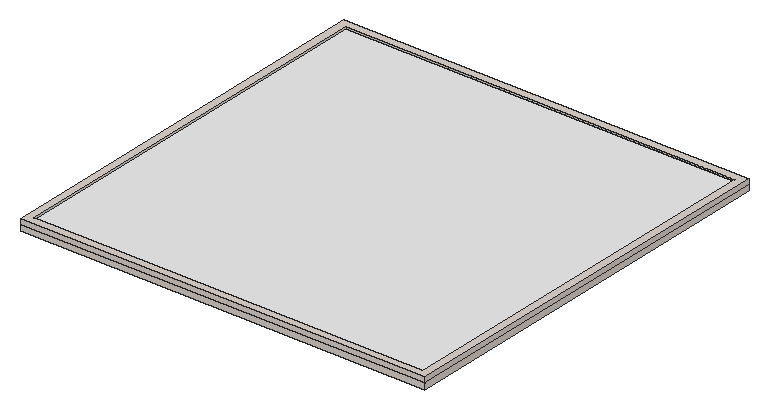
Revit family "SKY LED FLAT PANEL", category Lighting Fixtures, host Face, Revit 2020 (continued)
Types (13): name | Wattage | WATTS | built-in parameter 1150134 | Replaces/Equiv.(MH) | Photometric Web File | Order number | built-in parameter 1150142 | Model | built-in parameter 1150105 | Lumens | built-in parameter 1150107 | built-in parameter 1150106 | Fixture Width | Fixture Length | Default Elevation | Apparent Load
  SFLP14D3835 | 25.2454 W | 38 W | (empty or 0) | "2x32W FL" | "SFLP14D3835.IES" | "14216K" | "IESNA:LM-63-2002\r\n[TEST] \r\n[TESTLAB] EVERFINE\r\n[TESTDATE] 2018-10-18\r\n[ISSUEDATE] 2019-05-15 15:15:33\r\n[NEARFIELD] \r\n[LAMPPOSITION] 0,0\r\n[OTHER] EVERFINE GO-2000B_V1 SYSTEM\r\n[MANUFAC] Above All Lighting\r\n[LUMINAIRE] FLB 2002/1000WHQI\r\n[LAMP] 11269-SFLP14D3835\r\n[OTHER] \r\n[OTHER] Gamma(deg)    Fz(lm)      Ft(lm)     %Lum    %Lamp\r\n[OTHER]   0- 10       122.88      122.88     3.30     3.30\r\n[OTHER]  10- 20       352.35      475.23    12.77    12.77\r\n[OTHER]  20- 30       533.83     1009.06    27.11    27.11\r\n[OTHER]  30- 40       642.04     1651.09    44.36    44.36\r\n[OTHER]  40- 50       663.70     2314.79    62.19    62.19\r\n[OTHER]  50- 60       597.41     2912.20    78.24    78.24\r\n[OTHER]  60- 70       454.30     3366.50    90.44    90.44\r\n[OTHER]  70- 80       262.79     3629.29    97.50    97.50\r\n[OTHER]  80- 90        72.60     3701.89    99.45    99.45\r\n[OTHER]  90-100         1.40     3703.29    99.49    99.49\r\n[OTHER] 100-110         2.16     3705.45    99.55    99.55\r\n[OTHER] 110-120         2.82     3708.27    99.62    99.62\r\n[OTHER] 120-130         3.19     3711.46    99.71    99.71\r\n[OTHER] 130-140         3.23     3714.69    99.80    99.80\r\n[OTHER] 140-150         2.96     3717.65    99.88    99.88\r\n[OTHER] 150-160         2.42     3720.07    99.94    99.94\r\n[OTHER] 160-170         1.61     3721.68    99.98    99.98\r\n[OTHER] 170-180         0.57     3722.25   100.00   100.00\r\n[OTHER] \r\nTILT=NONE\r\n1 3722.3 1 181 37 1 2 0.000 0.000 0.000\r\n1.000 1 37.2\r\n0.0    1.0    2.0    3.0    4.0    5.0    6.0    7.0    8.0    9.0    \r\n 10.0   11.0   12.0   13.0   14.0   15.0   16.0   17.0   18.0   19.0   \r\n 20.0   21.0   22.0   23.0   24.0   25.0   26.0   27.0   28.0   29.0   \r\n 30.0   31.0   32.0   33.0   34.0   35.0   36.0   37.0   38.0   39.0   \r\n 40.0   41.0   42.0   43.0   44.0   45.0   46.0   47.0   48.0   49.0   \r\n 50.0   51.0   52.0   53.0   54.0   55.0   56.0   57.0   58.0   59.0   \r\n 60.0   61.0   62.0   63.0   64.0   65.0   66.0   67.0   68.0   69.0   \r\n 70.0   71.0   72.0   73.0   74.0   75.0   76.0   77.0   78.0   79.0   \r\n 80.0   81.0   82.0   83.0   84.0   85.0   86.0   87.0   88.0   89.0   \r\n 90.0   91.0   92.0   93.0   94.0   95.0   96.0   97.0   98.0   99.0   \r\n 100.0  101.0  102.0  103.0  104.0  105.0  106.0  107.0  108.0  109.0  \r\n 110.0  111.0  112.0  113.0  114.0  115.0  116.0  117.0  118.0  119.0  \r\n 120.0  121.0  122.0  123.0  124.0  125.0  126.0  127.0  128.0  129.0  \r\n 130.0  131.0  132.0  133.0  134.0  135.0  136.0  137.0  138.0  139.0  \r\n 140.0  141.0  142.0  143.0  144.0  145.0  146.0  147.0  148.0  149.0  \r\n 150.0  151.0  152.0  153.0  154.0  155.0  156.0  157.0  158.0  159.0  \r\n 160.0  161.0  162.0  163.0  164.0  165.0  166.0  167.0  168.0  169.0  \r\n 170.0  171.0  172.0  173.0  174.0  175.0  176.0  177.0  178.0  179.0  \r\n 180.0  \r\n0.0    10.0   20.0   30.0   40.0   50.0   60.0   70.0   80.0   90.0   \r\n 100.0  110.0  120.0  130.0  140.0  150.0  160.0  170.0  180.0  190.0  \r\n 200.0  210.0  220.0  230.0  240.0  250.0  260.0  270.0  280.0  290.0  \r\n 300.0  310.0  320.0  330.0  340.0  350.0  360.0  \r\n1298.22  1297.36  1296.21  1294.90  1293.20  1291.30  1288.62  1285.79  1282.35  1278.90  \r\n 1274.95  1270.68  1266.17  1260.99  1255.72  1249.65  1243.19  1235.98  1228.60  1220.70  \r\n 1212.02  1202.75  1193.22  1182.83  1171.65  1160.09  1148.28  1135.92  1123.10  1109.71  \r\n 1096.17  1082.30  1067.74  1053.43  1038.24  1023.33  1007.48  991.95   975.62   959.23   \r\n 942.61   925.10   908.38   890.62   873.04   854.84   836.76   818.05   798.96   780.33   \r\n 760.94   741.74   721.94   702.45   682.35   662.34   641.89   621.34   600.68   580.03   \r\n 558.82   538.04   516.51   495.67   474.18   453.00   431.27   409.96   388.73   367.02   \r\n 345.87   324.51   303.52   282.52   261.65   241.26   221.02   200.80   181.46   161.85   \r\n 143.39   124.94   107.15   89.94    73.19    57.62    42.38    28.77    15.51    4.37     \r\n 0.96     1.02     1.10     1.19     1.27     1.36     1.44     1.53     1.62     1.71     \r\n 1.80     1.89     1.99     2.08     2.17     2.26     2.35     2.44     2.53     2.61     \r\n 2.70     2.78     2.86     2.94     3.02     3.10     3.17     3.24     3.31     3.38     \r\n 3.45     3.52     3.58     3.64     3.71     3.77     3.82     3.88     3.93     3.99     \r\n 4.04     4.09     4.14     4.19     4.23     4.27     4.32     4.36     4.41     4.45     \r\n 4.49     4.53     4.58     4.62     4.66     4.70     4.74     4.78     4.83     4.86     \r\n 4.91     4.94     4.98     5.02     5.06     5.11     5.15     5.19     5.23     5.27     \r\n 5.31     5.36     5.39     5.44     5.48     5.53     5.57     5.61     5.65     5.69     \r\n 5.73     5.76     5.80     5.83     5.86     5.88     5.91     5.92     5.93     5.94     \r\n 5.97     \r\n1298.22  1297.71  1296.82  1295.88  1294.24  1292.46  1290.12  1287.26  1284.17  1280.79  \r\n 1276.72  1272.67  1267.82  1262.69  1257.11  1251.09  1244.35  1237.41  1229.98  1221.79  \r\n 1212.91  1203.95  1194.03  1183.74  1172.41  1161.19  1149.24  1136.95  1123.93  1110.77  \r\n 1097.22  1083.27  1069.19  1054.48  1039.82  1024.49  1008.81  992.94   976.73   960.05   \r\n 943.45   926.27   908.99   891.44   873.49   855.36   837.10   818.44   799.66   780.61   \r\n 761.31   742.13   722.09   702.57   682.18   662.16   641.38   621.06   600.40   579.73   \r\n 558.47   537.37   516.12   494.84   473.56   451.84   430.89   409.06   387.90   366.03   \r\n 345.05   323.31   302.43   281.03   260.44   239.92   219.63   199.50   179.65   160.62   \r\n 141.60   123.12   105.20   88.15    72.07    56.00    40.76    26.68    13.82    4.69     \r\n 1.08     1.14     1.20     1.23     1.31     1.39     1.47     1.54     1.63     1.71     \r\n 1.80     1.89     1.98     2.07     2.16     2.25     2.34     2.42     2.51     2.59     \r\n 2.67     2.75     2.83     2.91     2.99     3.06     3.13     3.20     3.26     3.33     \r\n 3.39     3.45     3.51     3.57     3.62     3.68     3.73     3.78     3.83     3.88     \r\n 3.93     3.98     4.02     4.07     4.11     4.16     4.20     4.25     4.30     4.35     \r\n 4.40     4.44     4.49     4.54     4.58     4.63     4.67     4.72     4.77     4.81     \r\n 4.86     4.90     4.95     4.99     5.03     5.07     5.10     5.15     5.19     5.24     \r\n 5.28     5.32     5.37     5.40     5.45     5.50     5.54     5.59     5.63     5.67     \r\n 5.71     5.74     5.77     5.81     5.83     5.85     5.88     5.90     5.91     5.92     \r\n 5.97     \r\n1298.22  1298.22  1297.68  1296.99  1295.59  1293.92  1292.13  1289.46  1286.79  1283.33  \r\n 1279.90  1275.37  1270.81  1265.73  1260.34  1254.41  1247.57  1240.56  1233.01  1224.49  \r\n 1215.94  1206.36  1197.09  1186.51  1175.83  1164.11  1152.48  1140.42  1127.55  1114.92  \r\n 1101.38  1087.93  1073.40  1059.34  1044.20  1029.08  1013.52  997.85   981.70   965.46   \r\n 948.63   931.53   914.52   896.79   879.00   861.09   842.91   824.16   805.05   786.32   \r\n 767.08   747.73   727.65   707.92   687.76   667.66   647.07   626.52   605.88   585.11   \r\n 563.77   542.77   521.14   500.26   478.56   457.07   435.42   414.08   392.66   370.93   \r\n 349.69   328.01   307.04   285.94   264.96   244.48   224.07   203.79   184.36   164.50   \r\n 145.86   127.22   109.18   91.80    74.55    58.72    43.03    29.11    16.41    7.01     \r\n 1.07     1.11     1.23     1.32     1.37     1.41     1.45     1.51     1.58     1.65     \r\n 1.74     1.82     1.90     1.99     2.08     2.17     2.25     2.34     2.43     2.51     \r\n 2.60     2.68     2.77     2.85     2.92     3.00     3.07     3.14     3.20     3.27     \r\n 3.33     3.39     3.45     3.51     3.56     3.62     3.67     3.72     3.77     3.82     \r\n 3.86     3.91     3.96     4.00     4.04     4.08     4.13     4.17     4.21     4.26     \r\n 4.30     4.35     4.39     4.43     4.47     4.52     4.56     4.61     4.66     4.70     \r\n 4.75     4.80     4.85     4.89     4.93     4.98     5.03     5.07     5.12     5.17     \r\n 5.22     5.27     5.31     5.36     5.41     5.46     5.50     5.54     5.59     5.63     \r\n 5.66     5.69     5.73     5.75     5.77     5.79     5.81     5.82     5.83     5.84     \r\n 5.97     \r\n1298.22  1298.39  1298.44  1297.87  1296.92  1295.41  1293.57  1291.31  1288.62  1285.27  \r\n 1281.46  1276.89  1272.40  1267.12  1261.42  1255.36  1248.76  1241.37  1233.70  1225.54  \r\n 1216.73  1207.52  1197.81  1187.84  1176.79  1165.97  1154.25  1142.22  1129.41  1116.74  \r\n 1103.61  1089.77  1075.57  1061.05  1046.38  1031.58  1016.10  1000.20  984.42   967.97   \r\n 951.08   933.98   916.76   899.19   881.34   863.21   844.88   826.26   807.23   788.56   \r\n 768.65   749.48   729.51   709.88   689.35   669.44   648.40   627.97   607.13   586.42   \r\n 564.98   543.70   522.37   500.80   479.41   457.62   436.28   414.71   393.11   371.49   \r\n 350.16   328.49   307.46   286.03   265.30   244.60   224.29   203.88   184.22   164.61   \r\n 145.57   126.82   108.71   91.20    74.09    58.36    43.30    29.55    16.98    6.96     \r\n 1.16     1.13     1.21     1.30     1.39     1.45     1.48     1.52     1.57     1.63     \r\n 1.70     1.79     1.87     1.95     2.03     2.12     2.20     2.28     2.37     2.45     \r\n 2.53     2.61     2.70     2.77     2.85     2.93     3.01     3.08     3.16     3.23     \r\n 3.30     3.36     3.42     3.48     3.54     3.59     3.65     3.69     3.75     3.79     \r\n 3.84     3.88     3.93     3.97     4.01     4.05     4.09     4.13     4.17     4.21     \r\n 4.25     4.28     4.32     4.37     4.41     4.45     4.50     4.54     4.59     4.63     \r\n 4.68     4.73     4.78     4.83     4.88     4.93     4.98     5.03     5.08     5.13     \r\n 5.18     5.24     5.29     5.34     5.39     5.43     5.48     5.52     5.55     5.59     \r\n 5.62     5.65     5.68     5.71     5.73     5.76     5.78     5.80     5.81     5.83     \r\n 5.97     \r\n1298.22  1299.02  1299.59  1299.30  1298.94  1297.51  1296.12  1294.08  1291.47  1288.34  \r\n 1284.80  1280.52  1275.87  1270.56  1265.03  1258.90  1252.27  1244.96  1237.65  1229.53  \r\n 1220.94  1211.59  1202.25  1192.14  1181.59  1170.40  1158.93  1147.43  1135.21  1122.60  \r\n 1109.21  1096.10  1082.05  1068.08  1053.32  1038.16  1023.09  1007.72  991.41   975.32   \r\n 958.85   941.65   924.58   906.73   889.12   871.06   852.96   834.03   815.21   796.19   \r\n 776.82   757.38   737.31   717.54   697.16   676.96   656.19   635.57   614.58   593.75   \r\n 572.48   551.18   529.37   508.30   486.31   464.94   442.92   421.60   399.99   378.20   \r\n 356.69   334.88   313.72   292.48   271.41   250.85   230.32   209.94   190.35   170.32   \r\n 151.35   132.39   114.18   96.31    78.99    63.21    47.60    33.67    20.45    9.51     \r\n 1.38     1.11     1.18     1.26     1.34     1.40     1.46     1.50     1.54     1.60     \r\n 1.67     1.73     1.80     1.89     1.96     2.05     2.13     2.21     2.29     2.37     \r\n 2.44     2.53     2.60     2.68     2.76     2.84     2.92     2.99     3.07     3.14     \r\n 3.21     3.28     3.35     3.42     3.48     3.55     3.61     3.66     3.71     3.76     \r\n 3.81     3.86     3.90     3.95     3.99     4.03     4.07     4.11     4.15     4.19     \r\n 4.23     4.27     4.31     4.35     4.39     4.44     4.49     4.53     4.58     4.62     \r\n 4.66     4.71     4.76     4.80     4.86     4.91     4.96     5.01     5.06     5.11     \r\n 5.16     5.21     5.25     5.30     5.34     5.38     5.42     5.46     5.50     5.54     \r\n 5.58     5.62     5.65     5.68     5.71     5.74     5.76     5.78     5.81     5.83     \r\n 5.97     \r\n1298.22  1299.37  1299.89  1299.98  1299.46  1298.53  1296.93  1294.88  1292.71  1289.59  \r\n 1286.36  1282.35  1277.97  1272.85  1267.22  1261.02  1254.81  1247.88  1240.10  1232.30  \r\n 1223.72  1214.86  1205.43  1195.63  1185.39  1174.58  1163.34  1151.56  1139.29  1126.73  \r\n 1113.72  1100.55  1086.76  1072.61  1058.43  1043.35  1028.20  1012.35  996.55   980.24   \r\n 963.71   946.69   929.49   911.88   894.09   875.79   857.51   838.72   819.69   800.97   \r\n 781.12   761.65   741.71   721.86   701.34   681.16   659.94   639.26   618.27   597.37   \r\n 575.79   554.36   532.88   511.02   489.48   467.29   446.03   424.03   402.47   380.40   \r\n 359.02   337.16   315.96   294.33   273.35   252.45   232.02   211.46   191.37   171.79   \r\n 152.35   133.45   114.98   97.22    80.13    64.51    48.88    34.33    21.32    9.44     \r\n 1.39     1.11     1.17     1.24     1.29     1.34     1.40     1.47     1.53     1.59     \r\n 1.65     1.72     1.79     1.86     1.93     2.01     2.09     2.17     2.25     2.33     \r\n 2.41     2.49     2.57     2.64     2.71     2.79     2.87     2.94     3.02     3.09     \r\n 3.16     3.23     3.29     3.37     3.43     3.49     3.56     3.62     3.69     3.75     \r\n 3.82     3.87     3.92     3.97     4.01     4.06     4.10     4.14     4.18     4.22     \r\n 4.26     4.30     4.34     4.38     4.43     4.47     4.52     4.57     4.62     4.66     \r\n 4.70     4.75     4.79     4.84     4.88     4.93     4.98     5.02     5.07     5.11     \r\n 5.16     5.20     5.24     5.29     5.34     5.38     5.43     5.47     5.52     5.56     \r\n 5.60     5.63     5.67     5.71     5.74     5.77     5.80     5.84     5.87     5.90     \r\n 5.97     \r\n1298.22  1299.64  1300.06  1300.79  1300.42  1299.66  1298.57  1296.82  1294.80  1291.97  \r\n 1289.07  1285.52  1281.20  1276.47  1271.23  1265.67  1259.08  1252.72  1245.81  1237.97  \r\n 1230.08  1221.16  1212.52  1202.81  1192.87  1182.04  1171.22  1160.02  1148.22  1135.96  \r\n 1123.09  1110.12  1096.28  1082.67  1068.05  1053.69  1038.59  1023.40  1007.45  991.27   \r\n 974.93   957.82   940.92   923.14   905.23   887.41   868.89   850.21   831.09   812.10   \r\n 792.61   773.15   752.77   732.59   712.42   691.77   670.94   649.86   628.75   607.84   \r\n 585.95   564.50   542.50   521.12   499.00   477.19   454.96   433.12   411.46   389.25   \r\n 367.59   345.73   324.18   302.81   281.25   260.56   239.70   218.78   199.02   178.62   \r\n 159.43   140.52   121.62   103.87   86.18    69.76    53.55    38.58    24.67    12.14    \r\n 2.17     1.05     1.15     1.19     1.22     1.28     1.35     1.42     1.49     1.56     \r\n 1.62     1.69     1.75     1.83     1.90     1.98     2.05     2.13     2.21     2.29     \r\n 2.37     2.45     2.52     2.60     2.67     2.75     2.82     2.89     2.97     3.04     \r\n 3.12     3.19     3.25     3.33     3.40     3.46     3.53     3.60     3.66     3.73     \r\n 3.79     3.86     3.92     3.99     4.04     4.09     4.14     4.18     4.22     4.27     \r\n 4.31     4.35     4.38     4.43     4.48     4.53     4.59     4.65     4.69     4.73     \r\n 4.77     4.82     4.86     4.91     4.95     4.99     5.04     5.08     5.12     5.17     \r\n 5.20     5.24     5.29     5.34     5.38     5.43     5.48     5.53     5.58     5.63     \r\n 5.68     5.73     5.77     5.81     5.85     5.89     5.93     5.98     6.02     6.06     \r\n 5.97     \r\n1298.22  1299.49  1300.41  1300.94  1300.55  1299.87  1298.88  1297.18  1295.30  1292.55  \r\n 1289.66  1286.03  1281.99  1277.35  1272.34  1266.66  1260.86  1254.07  1247.26  1239.49  \r\n 1231.75  1223.52  1214.61  1205.15  1194.91  1184.84  1173.69  1162.72  1150.93  1138.89  \r\n 1126.28  1113.25  1099.64  1085.79  1071.60  1057.01  1042.08  1026.52  1011.03  994.79   \r\n 978.34   961.26   944.20   926.65   908.89   890.91   872.64   853.67   834.77   815.68   \r\n 795.69   776.34   756.32   736.28   715.51   695.03   673.69   653.15   631.78   610.55   \r\n 588.76   567.17   545.44   523.40   501.71   479.40   457.66   435.27   413.71   391.17   \r\n 369.61   347.51   326.14   304.20   282.89   261.99   241.12   220.40   199.94   180.17   \r\n 160.52   141.20   122.63   104.77   87.15    70.74    54.33    39.22    25.02    11.70    \r\n 1.95     1.04     1.09     1.12     1.19     1.26     1.33     1.40     1.48     1.55     \r\n 1.61 
